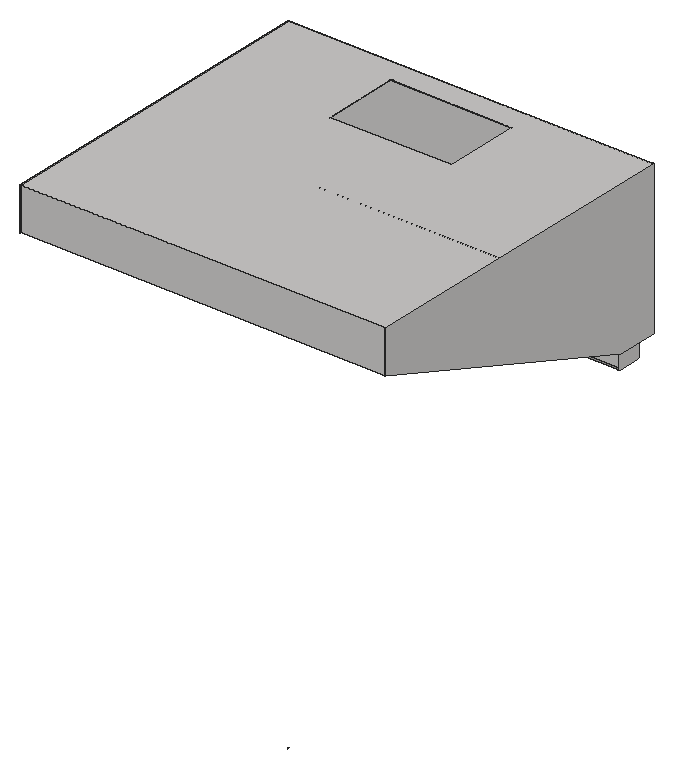
Revit family "QF_ELECTROLUXPROFESSIONAL_642089_MP1112DT", category Specialty Equipment, Revit 2014
Reference planes
  plane 1 "Center (Front/Back)": y = 0
  plane 2: z = 0
  plane 3 "Center (Left/Right)": x = 150
  plane 4 "LEFT": x = -450
  plane 5 "RIGHT": x = 750
  plane 6 "BACK": y = 550
  plane 7 "FRONT": y = -550
  plane 8 "Plane": z = 2000
  plane 9 "TOP": z = 2140
  plane 10 "Base": z = 1640
  plane 11: z = 1566
  plane 12 "DrainY": y = 485
  plane 13: x = -447
  plane 14: through (0, 414.509, 1640.8) normal (0, 0.7314, 0.682)
  plane 15: y = 470
  plane 16: y = 220
  plane 17 "DrainX": x = 630
  plane 18: x = -50
  plane 19: x = 350
  plane 20: x = 747
  plane 21: x = 540
  plane 22: x = 720
  plane 23: x = -410
  plane 24: x = 710
  plane 25: x = -47.5
  plane 26: x = 347.5
Forms (mm)
  Extrusion 1, solid, material "QF_Finishes_Stainless Steel"
    sketch origin (-450, 0, 0) x (0, 1, 0) y (0, 0, 1)
      loop
        line (550, 1640) -> (550, 2140) -> (-550, 2140) -> (-550, 1999.112) -> (413.973, 1640) -> (550, 1640)
    from 0 to 3
  Extrusion 2, solid, material "QF_Finishes_Stainless Steel"
    sketch origin (150, 0, 0) x (0, 1, 0) y (0, 0, 1)
      loop
        line (415.255, 1640) -> (550, 1640) -> (550, 2139.19) -> (549.2, 2139.19) -> (549.2, 1640.8) -> (415.876, 1640.8) -> (339.347, 1722.867) -> (349.609, 1732.436) -> (348.927, 1733.167) -> (337.934, 1722.917) -> (415.255, 1640)
      loop
        line (-82.203, 2139.19) -> (-82.203, 2118.6) -> (-31.047, 2118.6) -> (34.354, 2048.466) -> (46.028, 2059.352) -> (45.346, 2060.083) -> (34.403, 2049.879) -> (-30.612, 2119.6) -> (-81.203, 2119.6) -> (-81.203, 2139.19) -> (-82.203, 2139.19)
    from -597 to 597
  Extrusion 3, solid, material "QF_Finishes_Stainless Steel"
    sketch origin (750, 0, 0) x (0, 1, 0) y (0, 0, 1)
      loop
        line (550, 1640) -> (550, 2140) -> (-550, 2140) -> (-550, 1999.112) -> (413.973, 1640) -> (550, 1640)
    from 0 to -3
  Extrusion 4, solid, material "QF_Finishes_Stainless Steel"
    sketch origin (150, 0, 0) x (0, 1, 0) y (0, 0, 1)
      loop
        line (-550, 2140) -> (-550, 2000) -> (-549.2, 2000) -> (-549.2, 2139.19) -> (550, 2139.19) -> (550, 2140) -> (-550, 2140)
    from -600 to 600
  Extrusion 5, solid, material "QF_Finishes_Stainless Steel"
    sketch origin (150, 0, 0) x (0, 1, 0) y (0, 0, 1)
      loop
        line (534, 1640) -> (436, 1640) -> (436, 1627) -> (443.5, 1627) -> (443.5, 1576)
        arc (443.5, 1576) -> (446.429, 1568.929) -> (453.5, 1566) r 10
        line (453.5, 1566) -> (516.5, 1566)
        arc (516.5, 1566) -> (523.571, 1568.929) -> (526.5, 1576) r 10
        line (526.5, 1576) -> (526.5, 1627) -> (534, 1627) -> (534, 1640)
    from 390 to 570
  Extrusion 6, solid, material "QF_Finishes_Stainless Steel"
    sketch origin (0, 0, 1640) x (0, 1, 0) y (-1, 0, 0)
      loop
        circle (485, -630) r 20
    from -76 to -74
  Extrusion 7, solid, material "QF_Finished_Chrome"
    sketch origin (150, 0, 0) x (0, 1, 0) y (0, 0, 1)
      loop
        line (337.934, 1722.917) -> (341.591, 1726.327) -> (38.011, 2051.876) -> (34.354, 2048.466) -> (337.934, 1722.917)
    from -197.5 to -560
  Extrusion 8, solid, material "QF_Finishes_Stainless Steel"
    sketch origin (150, 0, 0) x (0, 1, 0) y (0, 0, 1)
      loop
        line (337.934, 1722.917) -> (341.591, 1726.327) -> (38.011, 2051.876) -> (34.354, 2048.466) -> (337.934, 1722.917)
    from 597 to 560
  Extrusion 9, solid, material "QF_Finished_Chrome"
    sketch origin (150, 0, 0) x (0, 1, 0) y (0, 0, 1)
      loop
        line (341.588, 1726.324) -> (38.009, 2051.874) -> (34.354, 2048.466) -> (337.934, 1722.917) -> (341.588, 1726.324)
    from 197.5 to 560
  Extrusion 10, void
    sketch origin (0, 0, 2140) x (0, 1, 0) y (-1, 0, 0)
      loop
        line (470, -350) -> (470, 50) -> (220, 50) -> (220, -350) -> (470, -350)
    from 0 to -10
  Extrusion 11, solid, material "QF_Finishes_Stainless Steel"
    sketch origin (0, 0, 0) x (1, 0, 0) y (0, 1, 0)
      loop
        line (-450, 550) -> (-450, 549) -> (-449, 549) -> (-449, 550) -> (-450, 550)
    from 0 to 1
  Extrusion 12, solid, material "QF_Finishes_Stainless Steel"
    sketch origin (150, 0, 0) x (0, 1, 0) y (0, 0, 1)
      loop
        line (337.934, 1722.917) -> (341.591, 1726.327) -> (38.011, 2051.876) -> (34.354, 2048.466) -> (337.934, 1722.917)
    from -560 to -597
  Extrusion 13, solid, material "QF_Finishes_Stainless Steel"
    sketch origin (150, 0, 0) x (0, 1, 0) y (0, 0, 1)
      loop
        line (337.934, 1722.917) -> (341.591, 1726.327) -> (38.011, 2051.876) -> (34.354, 2048.466) -> (337.934, 1722.917)
    from 197.5 to -197.5
Cuts and joins
  Extrusion 10 cuts Extrusion 4
  joined: Extrusion 2, Extrusion 4
Lines and regions (mm)
  reference lines
    curve 1: line (150, 34.354, 2048.466) -> (150, 34.354, 1888.466)
  symbolic lines, style "SpecialityEquipment", detail levels coarse
    curve 2: line (750, 550, 2140) -> (-450, 550, 2140)
    curve 3: line (-450, 550, 2140) -> (-450, -550, 2140)
    curve 4: line (750, -550, 2140) -> (750, 550, 2140)
    curve 5: line (-450, -550, 2140) -> (750, -550, 2140)
    curve 6: line (350, 220, 2140) -> (-50, 220, 2140)
    curve 7: line (350, 470, 2140) -> (350, 220, 2140)
    curve 8: line (-50, 470, 2140) -> (350, 470, 2140)
    curve 9: line (-50, 220, 2140) -> (-50, 470, 2140)
    curve 10: line (-450, -550, 0) -> (750, 550, 0)
    curve 11: line (-450, 550, 0) -> (750, -550, 0)
Dimensions and locks
  plane 4 "LEFT" to plane 5 "RIGHT" = 1200 mm
  equal spacing: plane 4 "LEFT", plane 3 "Center (Left/Right)", plane 5 "RIGHT"
  locked: plane 8 "Plane" to level at 2000
  plane 9 "TOP" to plane 8 "Plane" = 140 mm
  locked: plane 9 "TOP" to plane 10 "Base" at 500
  plane 10 "Base" to plane 11 = 74 mm
  plane 6 "BACK" to plane 12 "DrainY" = 65 mm  (x2)
  plane 4 "LEFT" to plane 13 = 3 mm
  plane 6 "BACK" to plane 15 = 80 mm
  plane 15 to plane 16 = 250 mm  (x2)
  plane 17 "DrainX" to plane 5 "RIGHT" = 120 mm
  plane 20 to plane 5 "RIGHT" = 3 mm
  locked: plane 21 to plane 17 "DrainX" at 90
  locked: plane 17 "DrainX" to plane 22 at 90
  plane 6 "BACK" to plane 7 "FRONT" = 1100 mm  (x2)
  equal spacing: plane 6 "BACK", plane 1 "Center (Front/Back)", plane 7 "FRONT"
  plane 16 to plane 7 "FRONT" = 770 mm
  plane 15 to plane 6 "BACK" = 80 mm
  locked: plane 4 "LEFT" to plane 23 at 40
  locked: plane 24 to plane 5 "RIGHT" at 40
  locked: plane 25 to plane 26 at 395
  equal spacing: plane 25, plane 3 "Center (Left/Right)", plane 26
  locked: plane 18 to plane 19 at 400
  equal spacing: plane 18, plane 3 "Center (Left/Right)", plane 19
  aligned and locked: level to plane 2
  aligned and locked: Extrusion 2 to Extrusion 1
  aligned and locked: Extrusion 2 to Extrusion 3
  aligned and locked: plane 5 "RIGHT" to Extrusion 4
  aligned and locked: Extrusion 4 to plane 4 "LEFT"
  aligned and locked: plane 20 to Extrusion 8
  aligned and locked: Extrusion 10 to plane 18
  aligned and locked: Extrusion 10 to plane 16
  aligned and locked: Extrusion 10 to plane 15
  aligned and locked: Extrusion 2 to Extrusion 4
  aligned and locked: plane 22 to Extrusion 5
  aligned and locked: Extrusion 5 to plane 21
  aligned and locked: Extrusion 8 to plane 24
  aligned and locked: Extrusion 9 to plane 24
  aligned and locked: Extrusion 7 to plane 23
  aligned and locked: Extrusion 12 to plane 13
  aligned and locked: plane 23 to Extrusion 12
  aligned and locked: Extrusion 3 to plane 20
  aligned and locked: Extrusion 10 to plane 19
  aligned and locked: plane 19 to curve 7
  aligned and locked: plane 26 to Extrusion 13
  aligned and locked: Extrusion 13 to plane 25
  aligned and locked: Extrusion 9 to plane 26
Automatic sketch dimensions
  curve 5 to plane 5 "RIGHT" = 0 mm
  curve 5 to plane 7 "FRONT" = 0 mm
  curve 6 to plane 16 = 0 mm
  plane 15 to curve 8 = 0 mm
  curve 3 to plane 4 "LEFT" = 0 mm
  curve 3 to plane 6 "BACK" = 0 mm
  curve 6 to plane 18 = 0 mm
  Extrusion 1 sketch curve to plane 7 "FRONT" = 0 mm
  Extrusion 1 sketch curve to plane 10 "Base" = 0 mm
  Extrusion 1 sketch curve to plane 6 "BACK" = 0 mm
  Extrusion 1 sketch curve to plane 9 "TOP" = 0 mm
  plane 15 to Extrusion 1 sketch curve = 56.027 mm
  Extrusion 1 sketch curve to plane 8 "Plane" = 0.888 mm
  Extrusion 2 sketch curve to plane 14 = 0 mm  (x3)
  Extrusion 2 sketch curve to plane 10 "Base" = 0 mm
  plane 14 to Extrusion 2 sketch curve = 0 mm
  Extrusion 2 sketch curve to plane 6 "BACK" = 0 mm
  Extrusion 2 sketch curve to Extrusion 2 sketch curve = 65.646 mm
  Extrusion 2 sketch curve to Extrusion 2 sketch curve = 0.682 mm  (x2)
  Extrusion 2 sketch curve to Extrusion 2 sketch curve = 10.261 mm
  plane 10 "Base" to Extrusion 2 sketch curve = 82.917 mm
  Extrusion 2 sketch curve to plane 1 "Center (Front/Back)" = 46.028 mm
  Extrusion 2 sketch curve to Extrusion 2 sketch curve = 10.942 mm
  Extrusion 2 sketch curve to Extrusion 2 sketch curve = 0.049 mm
  Extrusion 2 sketch curve to plane 9 "TOP" = 20.4 mm
  Extrusion 2 sketch curve to plane 9 "TOP" = 21.4 mm
  Extrusion 2 sketch curve to plane 9 "TOP" = 0.81 mm  (x2)
  Extrusion 2 sketch curve to Extrusion 2 sketch curve = 50.156 mm
  Extrusion 2 sketch curve to Extrusion 2 sketch curve = 1 mm
  plane 10 "Base" to Extrusion 2 sketch curve = 0.8 mm
  Extrusion 2 sketch curve to plane 6 "BACK" = 0.8 mm
  Extrusion 3 sketch curve to plane 7 "FRONT" = 0 mm
  Extrusion 3 sketch curve to plane 10 "Base" = 0 mm
  Extrusion 3 sketch curve to plane 6 "BACK" = 0 mm
  Extrusion 3 sketch curve to plane 9 "TOP" = 0 mm
  plane 15 to Extrusion 3 sketch curve = 56.027 mm
  Extrusion 3 sketch curve to plane 8 "Plane" = 0.888 mm
  Extrusion 4 sketch curve to plane 7 "FRONT" = 0 mm
  Extrusion 4 sketch curve to plane 8 "Plane" = 0 mm
  Extrusion 4 sketch curve to plane 6 "BACK" = 0 mm
  Extrusion 4 sketch curve to plane 9 "TOP" = 0 mm
  plane 7 "FRONT" to Extrusion 4 sketch curve = 0.8 mm
  Extrusion 4 sketch curve to plane 9 "TOP" = 0.81 mm
  curve 1 to plane 14 = 0 mm
  curve 1 to plane 1 "Center (Front/Back)" = 34.354 mm
  curve 1 to plane 8 "Plane" = 111.534 mm
  Extrusion 5 sketch curve to plane 10 "Base" = 0 mm
  Extrusion 5 sketch curve to plane 11 = 0 mm
  Extrusion 5 sketch curve to plane 10 "Base" = 13 mm  (x2)
  plane 15 to Extrusion 5 sketch curve = 34 mm
  Extrusion 5 sketch curve to Extrusion 5 sketch curve = 7.5 mm  (x2)
  Extrusion 5 sketch curve to Extrusion 5 sketch curve = 10 mm
  plane 12 "DrainY" to Extrusion 5 sketch curve = 31.5 mm
  Extrusion 5 sketch curve to plane 6 "BACK" = 23.5 mm
  Extrusion 6 sketch curve to plane 12 "DrainY" = 0 mm
  Extrusion 6 sketch curve to plane 17 "DrainX" = 0 mm
  Extrusion 7 sketch curve to plane 14 = 0 mm  (x2)
  Extrusion 7 sketch curve to plane 1 "Center (Front/Back)" = 34.354 mm
  Extrusion 7 sketch curve to Extrusion 7 sketch curve = 3.657 mm
  plane 10 "Base" to Extrusion 7 sketch curve = 82.917 mm
  Extrusion 8 sketch curve to plane 14 = 0 mm  (x2)
  Extrusion 8 sketch curve to plane 1 "Center (Front/Back)" = 34.354 mm
  Extrusion 8 sketch curve to Extrusion 8 sketch curve = 3.657 mm
  plane 10 "Base" to Extrusion 8 sketch curve = 82.917 mm
  Extrusion 9 sketch curve to plane 14 = 0 mm  (x2)
  Extrusion 9 sketch curve to plane 1 "Center (Front/Back)" = 34.354 mm
  Extrusion 9 sketch curve to Extrusion 9 sketch curve = 3.655 mm
  plane 10 "Base" to Extrusion 9 sketch curve = 82.917 mm
  Extrusion 10 sketch curve to plane 16 = 0 mm
  plane 15 to Extrusion 10 sketch curve = 0 mm
  Extrusion 10 sketch curve to plane 19 = 0 mm
  Extrusion 10 sketch curve to plane 18 = 0 mm
  Extrusion 11 sketch curve to plane 4 "LEFT" = 0 mm
  Extrusion 11 sketch curve to plane 6 "BACK" = 0 mm
  plane 4 "LEFT" to Extrusion 11 sketch curve = 1 mm
  Extrusion 11 sketch curve to Extrusion 11 sketch curve = 1 mm
  Extrusion 12 sketch curve to plane 14 = 0 mm  (x2)
  Extrusion 12 sketch curve to plane 1 "Center (Front/Back)" = 34.354 mm
  Extrusion 12 sketch curve to Extrusion 12 sketch curve = 3.657 mm
  plane 10 "Base" to Extrusion 12 sketch curve = 82.917 mm
  Extrusion 13 sketch curve to plane 14 = 0 mm  (x2)
  Extrusion 13 sketch curve to plane 1 "Center (Front/Back)" = 34.354 mm
  Extrusion 13 sketch curve to Extrusion 13 sketch curve = 3.657 mm
  plane 10 "Base" to Extrusion 13 sketch curve = 82.917 mm
  curve 11 to plane 4 "LEFT" = 0 mm
  curve 10 to plane 4 "LEFT" = 0 mm
  curve 11 to plane 5 "RIGHT" = 0 mm
  curve 10 to plane 5 "RIGHT" = 0 mm
  curve 11 to plane 7 "FRONT" = 0 mm
  curve 10 to plane 7 "FRONT" = 0 mm
  curve 11 to plane 6 "BACK" = 0 mm
  curve 10 to plane 6 "BACK" = 0 mm
  radius of Extrusion 6 sketch curve = 20 mm
Connectors
  piping at (630, 485, 1564), diameter 20
    settings: on Extrusion 6, index 1, connector inside diameter 609.6 mm, connector length 0 mm, flow factor 0, pipe flow 0.0 L/s, pressure drop 0.0 Pa, fitting loss kfactor 0, connector angle 0.00°, fixture units 0, engagement length 0 mm, angle of deflection 0.00°, flow configuration 1, flow direction 2, fitting loss method 0, system type 16, joint type 0, gender type 0, connector reference index -1, connector utility 0, adjustable connector no, is connector primary yes, connector description "Drain"
  hvac at (150, 345, 2140)
    settings: on Extrusion 10, index 2, duct flow 0.0 L/s, flow factor 0, pres drop 0.0 Pa, loss coef 0, conn angle 0.00°, conn width 250 mm, conn height 400 mm, conn diameter 609.6 mm, duct sys type 3, conn prof type 1, flow config 0, flow direction 2, loss method 0, conn ref index -1, conn util no, is conn primary yes, conn desc "EXHAUST OUTLET"
